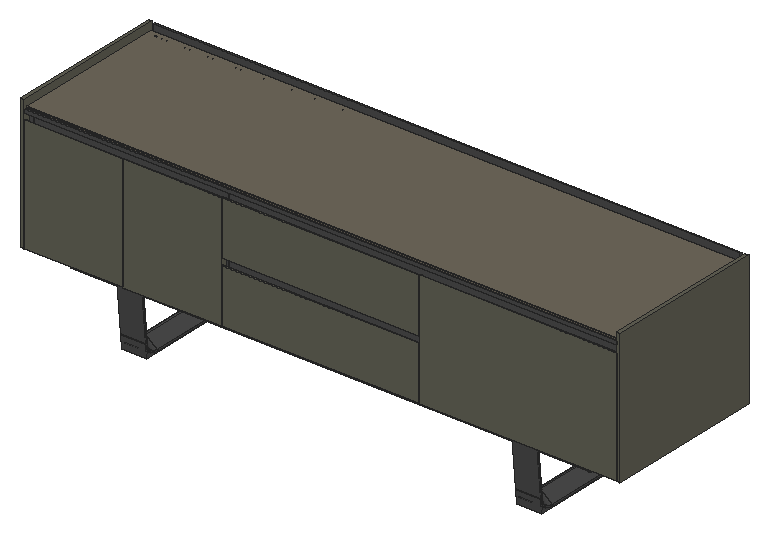
Revit family "Storage-Teknion-CW3A_C+D_Three_Storage_Credenza_29_Height_Elevated_Base-R2020", category Furniture, Revit 2020
Family settings
  OmniClass Number = 23.40.20.00
  OmniClass Title = General Furniture and Specialties
  Work Plane-Based = No
  Always vertical = Yes
  Cut with Voids When Loaded = No
  Shared = Yes
  Room Calculation Point = No
Parameters (values of type "24D x 90W")
  Width = 90.000"
  Warranty = "http://www.teknion.com/ca/papers/legal-canada"
  Top Finish [instance] = Veneer - Teknion - VJ - Bistre
  Storage Option [instance] = "Please select one Storage Option. (CCC) All Close Storage is default."  # constant formula
  Right Waste [instance] = or([(ACW) Left A/V, Center Closed Storage, Right Wasted], [(VCW) Left A/V with Upper Drawer, Center Closed Storage, Right Wasted], [(CCW) Left Closed Storage,Center Closed, Right Waste], [(ADW) Left A/V, Center Drawers, Right Waste], [(DDW) Left Drawers, Center Drawers, Right Waste])  # yes
  Right V&A Cut out [instance] = if(or([(WDA) Left Wasted, Center Drawers, Right A/V], [(WCA) Left Waste, Center Closed, Right A/V], [(WCV) Left Waste, Center Closed, Right A/V with Upper Drawer]), 15.000", 8.000")  # 8.000"
  Unit Weight URL = "http://www.teknion.com/ca/tools/assets#&asset=bee6a381-b954-425e-8283-5a2de3a804f2,f828d448-4b62-4231-9e5f-9a8991c0ed77"
  URL = "www.teknion.com"
  To render please download texture images found here [instance] = "https://assets.teknion.com/web/5e81352c1dfdb467/revit-material-swatches/"
  Sustainability Data = "https://www.teknion.com/ca/tools/assets#&topic=216f99a5-57a0-44fc-b10a-9dee9b29ae4c&asset=444deb64-fe58-4b68-981e-f75e97781df7,b4ff2d81-9f2e-437d-9659-7cffb09c31cf"
  Series = "C+D Conference Table"  # constant formula
  Right V&A 2D Lines [instance] = or([(WDA) Left Wasted, Center Drawers, Right A/V], [(WCA) Left Waste, Center Closed, Right A/V], [(WCV) Left Waste, Center Closed, Right A/V with Upper Drawer])  # no
  Right Drawers [instance] = or([(DDD) All Drawers], [(WDD) Left Waste , Center & Right Drawers])  # no
  Right Double Door [instance] = or([(WCV) Left Waste, Center Closed, Right A/V with Upper Drawer], [(WCA) Left Waste, Center Closed, Right A/V], [(WDA) Left Wasted, Center Drawers, Right A/V], [(WCC)  Left Waste , Center & Right Closed Storage], [(CCC) All Close Storage])  # no
  Middle Right Node [instance] = or(Right Drawers, [(WCV) Left Waste, Center Closed, Right A/V with Upper Drawer])  # no
  Middle Left Node [instance] = Center Drawers  # yes
  Left Waste [instance] = or([(WDA) Left Wasted, Center Drawers, Right A/V], [(WCV) Left Waste, Center Closed, Right A/V with Upper Drawer], [(WCA) Left Waste, Center Closed, Right A/V], [(WCC)  Left Waste , Center & Right Closed Storage], [(WDD) Left Waste , Center & Right Drawers])  # no
  Left V&A Cut Out [instance] = if(or([(ACW) Left A/V, Center Closed Storage, Right Wasted], [(VCW) Left A/V with Upper Drawer, Center Closed Storage, Right Wasted], [(ADW) Left A/V, Center Drawers, Right Waste]), 15.000", 8.000")  # 15.000"
  Left V&A 2D Lines [instance] = or([(ACW) Left A/V, Center Closed Storage, Right Wasted], [(VCW) Left A/V with Upper Drawer, Center Closed Storage, Right Wasted], [(ADW) Left A/V, Center Drawers, Right Waste])  # yes
  Left Drawers [instance] = or([(DDW) Left Drawers, Center Drawers, Right Waste], [(DDD) All Drawers])  # no
  Left Double Door [instance] = or([(ADW) Left A/V, Center Drawers, Right Waste], [(VCW) Left A/V with Upper Drawer, Center Closed Storage, Right Wasted], [(ACW) Left A/V, Center Closed Storage, Right Wasted], [(CCW) Left Closed Storage,Center Closed, Right Waste], [(CCC) All Close Storage])  # yes
  Door L/R Size = 14.750"
  Door C Size = 14.750"
  Description = "C+D Three Storage Credenza, 29\" Height, Elevated Based, 24\" Depth, 90\" Width"
  Center Drawers [instance] = or([(WDA) Left Wasted, Center Drawers, Right A/V], [(WDD) Left Waste , Center & Right Drawers], [(DDW) Left Drawers, Center Drawers, Right Waste], [(ADW) Left A/V, Center Drawers, Right Waste], [(DDD) All Drawers])  # yes
  Center Closed Storage [instance] = or([(ACW) Left A/V, Center Closed Storage, Right Wasted], [(VCW) Left A/V with Upper Drawer, Center Closed Storage, Right Wasted], [(WCC)  Left Waste , Center & Right Closed Storage], [(WCA) Left Waste, Center Closed, Right A/V], [(WCV) Left Waste, Center Closed, Right A/V with Upper Drawer], [(CCW) Left Closed Storage,Center Closed, Right Waste], [(CCC) All Close Storage])  # no
  Case Finish [instance] = Veneer - Teknion - VP - Chia
  24 2D Node = yes
  20 2D Node = no
  (WCV) Left Waste, Center Closed, Right A/V with Upper Drawer [instance] = no
  (WDD) Left Waste , Center & Right Drawers [instance] = no
  (WCA) Left Waste, Center Closed, Right A/V [instance] = no
  (DDW) Left Drawers, Center Drawers, Right Waste [instance] = no
  (CCW) Left Closed Storage,Center Closed, Right Waste [instance] = no
  Product Page URL = "https://www.teknion.com/ca/products/product-details?productLineId=f681026f-8e7a-673b-a6c8-ff05004460c4"
  Product Line = "C+D Credenzas"  # constant formula
  Product Documentation Link = "https://www.teknion.com/pricing/cd-conference-table/pdfs/Credenzas_ppg.pdf"
  Part Number = "CW3A"  # constant formula
  Model = "CW3A_2490"
  Manufacturer Phone = "416-661-3370"  # constant formula
  Manufacturer Fax = "416.661.4586"  # constant formula
  Manufacturer Contact Information = "http://www.teknion.com/ca/contactus"
  Manufacturer Address = "1150 Flint Road, Toronto, ON. M3J 2J5. Canada"  # constant formula
  Manufacturer = "Teknion"  # constant formula
  (WDA) Left Wasted, Center Drawers, Right A/V [instance] = no
  (DDD) All Drawers [instance] = no
  (CCC) All Close Storage [instance] = not(or([(DDD) All Drawers], [(ACW) Left A/V, Center Closed Storage, Right Wasted], [(VCW) Left A/V with Upper Drawer, Center Closed Storage, Right Wasted], [(WDA) Left Wasted, Center Drawers, Right A/V], [(WCC)  Left Waste , Center & Right Closed Storage], [(WDD) Left Waste , Center & Right Drawers], [(WCA) Left Waste, Center Closed, Right A/V], [(WCV) Left Waste, Center Closed, Right A/V with Upper Drawer], [(CCW) Left Closed Storage,Center Closed, Right Waste], [(DDW) Left Drawers, Center Drawers, Right Waste], [(ADW) Left A/V, Center Drawers, Right Waste]))  # no
  (VCW) Left A/V with Upper Drawer, Center Closed Storage, Right Wasted [instance] = no
  How To Use Teknion Materials User Guide [instance] = "https://assets.teknion.com/m/205dd0a49fa58060/original/How-to-add-a-Material-Library-and-Texture-Images-to-your-Revit-project.pdf"
  For Additional Finishes please visit [instance] = "https://assets.teknion.com/m/44a8009b046e5d47/original/Teknion_Materials_Library.zip"
  Depth = 24.000"
  Default Elevation = 0.000"
  Assembly Code = "E2020200"
  (WCC)  Left Waste , Center & Right Closed Storage [instance] = no
  (ADW) Left A/V, Center Drawers, Right Waste [instance] = yes
  (ACW) Left A/V, Center Closed Storage, Right Wasted [instance] = no
Reference planes (in)
  plane 1 "Center Front/Back": y = -10
  plane 2: z = 0.00394
  plane 3 "Center Left/Right": x = 30
  plane 4 "Left": x = -15
  plane 5 "Right": x = 75
  plane 6 "Back": y = 2
  plane 7 "Front": y = -22
  plane 8 "Top": z = 30.00394
  plane 9: y = -1.16628
  plane 10: y = -18.83372
  plane 11: x = 0.37927
  plane 12: x = -14.4311
  plane 13: x = 74.4311
  plane 14: x = 59.62073
  plane 15: x = 15.18963
  plane 16: x = 44.81037
  plane 17: y = -21.23622
Forms (in)
  Sweep 1, solid, material "Veneer - Teknion - VP - Chia" <- "Case Finish"
    path origin (0, -10, 0) x (1, 0, 0) y (0, 0, 1)
      loop
        line (0.53937, 30.00394) -> (0.53937, 10)
    profile origin (0.53937, -10, 20.00197) x (0, -1, 0) y (1, 0, 0)
      loop
        line (-12, -15.53937) -> (12, -15.53937) -> (12, -15) -> (-12, -15) -> (-12, -15.53937)
      loop
        line (-12, 74.46063) -> (-12, 73.92126) -> (12, 73.92126) -> (12, 74.46063) -> (-12, 74.46063)
  Sweep 2, solid, material "Veneer - Teknion - VP - Chia" <- "Case Finish"
    path origin (30, 0, 0) x (0, 1, 0) y (0, 0, 1)
      loop
        line (1.21654, 26.95276) -> (1.21654, 10)
    profile origin (30, 1.21654, 18.47638) x (1, 0, 0) y (0, 1, 0)
      loop
        line (-44.46063, 0.72441) -> (-44.46063, 0) -> (44.46063, 0) -> (44.46063, 0.72441) -> (-44.46063, 0.72441)
  Sweep 3, solid, material "Veneer - Teknion - VP - Chia" <- "Case Finish"
    path origin (0, -10, 0) x (1, 0, 0) y (0, 0, 1)
      loop
        line (-14.46063, 11.04331) -> (74.46063, 11.04331)
    profile origin (30, -10, 11.04331) x (0, 0, 1) y (0, -1, 0)
      loop
        line (0, 11.03819) -> (-1.03937, 11.03819) -> (-1.03937, -11.21654) -> (0, -11.21654) -> (0, 11.03819)
  Sweep 4, solid, material "Veneer - Teknion - VP - Chia" <- "Case Finish"
    path origin (0, -10, 0) x (1, 0, 0) y (0, 0, 1)
      loop
        line (30, 11.04331) -> (30, 27.54331)
    profile origin (30, -10, 19.29331) x (-1, 0, 0) y (0, -1, 0)
      loop
        line (44.46063, -11.21654) -> (44.46063, 11.03819) -> (43.73622, 11.03819) -> (43.73622, -11.21654) -> (44.46063, -11.21654)
      loop
        line (15.17257, -11.21654) -> (15.17257, 11.03819) -> (14.44816, 11.03819) -> (14.44816, -11.21654) -> (15.17257, -11.21654)
      loop
        line (-43.73622, 11.03819) -> (-44.46063, 11.03819) -> (-44.46063, -11.21654) -> (-43.73622, -11.21654) -> (-43.73622, 11.03819)
      loop
        line (-14.44816, -11.21654) -> (-14.44816, 11.03819) -> (-15.17257, 11.03819) -> (-15.17257, -11.21654) -> (-14.44816, -11.21654)
  Sweep 5, solid, material "Veneer - Teknion - VP - Chia" <- "Case Finish"
    path origin (0, -10, 0) x (1, 0, 0) y (0, 0, 1)
      loop
        line (74.46063, 28.29134) -> (-14.46063, 28.29134)
    profile origin (30, -10, 28.29134) x (0, 0, -1) y (0, -1, 0)
      loop
        line (0, -11.76378) -> (0.74803, -11.76378) -> (0.74803, 11.03819) -> (0, 11.03819) -> (0, -11.76378)
  Sweep 6, solid, material "Veneer - Teknion - VP - Chia" <- "Case Finish", visible <- "Left Double Door"
    path origin (0, -10, 0) x (1, 0, 0) y (0, 0, 1)
      loop
        line (0.34938, 27.25197) -> (-14.40157, 27.25197)
    profile origin (-7.0261, -10, 27.25197) x (0, 0, -1) y (0, -1, 0)
      loop
        line (0, 11.96063) -> (0, 11.84252) -> (0.6063, 11.23622) -> (17.25197, 11.23622) -> (17.25197, 11.96063) -> (0, 11.96063)
  Sweep 7, solid, material "Veneer - Teknion - VP - Chia" <- "Case Finish", visible <- "Center Closed Storage"
    path origin (14.72047, -10, 0) x (1, 0, 0) y (0, 0, 1)
      loop
        line (15.24939, 27.25197) -> (0.49939, 27.25197)
    profile origin (22.59486, -10, 27.25197) x (0, 0, -1) y (0, -1, 0)
      loop
        line (0, 11.96063) -> (0, 11.84252) -> (0.6063, 11.23622) -> (17.25197, 11.23622) -> (17.25197, 11.96063) -> (0, 11.96063)
  Sweep 8, solid, material "Veneer - Teknion - VP - Chia" <- "Case Finish", visible <- "Center Closed Storage"
    path origin (29.44094, -10, 0) x (1, 0, 0) y (0, 0, 1)
      loop
        line (15.33987, 27.25197) -> (0.58882, 27.25197)
    profile origin (37.40529, -10, 27.25197) x (0, 0, -1) y (0, -1, 0)
      loop
        line (0, 11.96063) -> (0, 11.84252) -> (0.6063, 11.23622) -> (17.25197, 11.23622) -> (17.25197, 11.96063) -> (0, 11.96063)
  Sweep 9, solid, material "Veneer - Teknion - VP - Chia" <- "Case Finish", visible <- "Right Double Door"
    path origin (44.16142, -10, 0) x (1, 0, 0) y (0, 0, 1)
      loop
        line (30.24016, 27.25197) -> (15.48894, 27.25197)
    profile origin (67.02597, -10, 27.25197) x (0, 0, -1) y (0, -1, 0)
      loop
        line (0, 11.96063) -> (0, 11.84252) -> (0.6063, 11.23622) -> (17.25197, 11.23622) -> (17.25197, 11.96063) -> (0, 11.96063)
  Sweep 10, solid, material "Veneer - Teknion - VP - Chia" <- "Case Finish", visible <- "Left Drawers"
    path origin (0, -10, 0) x (1, 0, 0) y (0, 0, 1)
      loop
        line (-14.40157, 19.12992) -> (15.15947, 19.12992)
    profile origin (0.37895, -10, 19.12992) x (0, 0, 1) y (0, -1, 0)
      loop
        line (8.12205, 11.84252) -> (8.12205, 11.96063) -> (-0.00394, 11.96063) -> (-0.00394, 11.23622) -> (7.51575, 11.23622) -> (8.12205, 11.84252)
  Sweep 11, solid, material "Veneer - Teknion - VP - Chia" <- "Case Finish", visible <- "Left Drawers"
    path origin (0, -10, 0) x (1, 0, 0) y (0, 0, 1)
      loop
        line (15.15947, 18.12992) -> (-14.40157, 18.12992)
    profile origin (0.37895, -10, 18.12992) x (0, 0, -1) y (0, -1, 0)
      loop
        line (0.00394, 11.96063) -> (0.00394, 11.84252) -> (0.61024, 11.23622) -> (8.12992, 11.23622) -> (8.12992, 11.96063) -> (0.00394, 11.96063)
  Sweep 12, solid, material "Veneer - Teknion - VP - Chia" <- "Case Finish", visible <- "Right Drawers"
    path origin (29.44094, -10, 0) x (1, 0, 0) y (0, 0, 1)
      loop
        line (15.39927, 19.12992) -> (44.96063, 19.12992)
    profile origin (59.62089, -10, 19.12992) x (0, 0, 1) y (0, -1, 0)
      loop
        line (8.12205, 11.84252) -> (8.12205, 11.96063) -> (-0.00394, 11.96063) -> (-0.00394, 11.23622) -> (7.51575, 11.23622) -> (8.12205, 11.84252)
  Sweep 13, solid, material "Veneer - Teknion - VP - Chia" <- "Case Finish", visible <- "Right Drawers"
    path origin (29.44094, -10, 0) x (1, 0, 0) y (0, 0, 1)
      loop
        line (44.96063, 18.12992) -> (15.39927, 18.12992)
    profile origin (59.62089, -10, 18.12992) x (0, 0, -1) y (0, -1, 0)
      loop
        line (0.00394, 11.96063) -> (0.00394, 11.84252) -> (0.61024, 11.23622) -> (8.12992, 11.23622) -> (8.12992, 11.96063) -> (0.00394, 11.96063)
  Sweep 14, solid, material "Paint - Teknion - 52 - Ebony"
    path origin (0, 0, 0.00394) x (1, 0, 0) y (0, 1, 0)
      loop
        line (74.46063, -20.29016) -> (-14.46063, -20.29016)
    profile origin (30, -20.29016, 0.00394) x (0, -1, 0) y (0, 0, 1)
      loop
        line (1.67055, 28.78346) -> (1.27685, 28.78346) -> (1.27685, 28.33071) -> (0.74803, 28.33071) -> (0.74803, 27.54331) -> (0, 27.54331) -> (0, 26.32283) -> (0.82803, 26.32283) -> (0.82803, 28.25071) -> (1.67055, 28.25071) -> (1.67055, 28.78346)
  Sweep 15, solid, material "Paint - Teknion - 52 - Ebony"
    path origin (0, 0, 0.00394) x (1, 0, 0) y (0, 1, 0)
      loop
        line (-13.96063, 0.76378) -> (73.96063, 0.76378)
    profile origin (30, 0.76378, 0.00394) x (0, 1, 0) y (0, 0, 1)
      loop
        line (1.23622, 30) -> (1, 30) -> (1, 28.5793)
        arc (1, 28.5793) -> (1, 28.52362) -> (0.94432, 28.52362) r 0.03937
        line (0.94432, 28.52362) -> (0, 28.52362) -> (0, 28.2874) -> (0.94432, 28.2874)
        arc (0.94432, 28.2874) -> (1, 28.2874) -> (1, 28.23172) r 0.03937
        line (1, 28.23172) -> (1, 27.53937) -> (1.23622, 27.53937) -> (1.23622, 30)
  Sweep 16, solid, material "Paint - Teknion - 52 - Ebony"
    path origin (0, 0, 0.00394) x (1, 0, 0) y (0, 1, 0)
      loop
        line (-7.98425, -1.01575) -> (-7.98425, -18.98425) -> (67.98425, -18.98425) -> (67.98425, -1.01575) -> (-7.98425, -1.01575)
    profile origin (-7.98425, -10, 0.00394) x (1, 0, 0) y (0, 0, 1)
      loop
        line (-0.431, 8.52) -> (-0.431, 9.9) -> (-0.09, 9.9) -> (-0.09, 9.6675) -> (0, 9.6675) -> (0, 9.98)
        arc (0, 9.98) -> (-0.00586, 9.99414) -> (-0.02, 10) r 0.02
        line (-0.02, 10) -> (-0.99575, 10)
        arc (-0.99575, 10) -> (-1.00989, 9.99414) -> (-1.01575, 9.98) r 0.02
        line (-1.01575, 9.98) -> (-1.01575, 8.44)
        arc (-1.01575, 8.44) -> (-1.00989, 8.42586) -> (-0.99575, 8.42) r 0.02
        line (-0.99575, 8.42) -> (-0.02, 8.42)
        arc (-0.02, 8.42) -> (-0.00586, 8.42586) -> (0, 8.44) r 0.02
        line (0, 8.44) -> (0, 8.7525) -> (-0.09, 8.7525) -> (-0.09, 8.52) -> (-0.431, 8.52)
  Sweep 17, solid, material "Paint - Teknion - 52 - Ebony"
    path origin (0, -10, 0) x (1, 0, 0) y (0, 0, 1)
      loop
        line (-1.5069, 0.12894) -> (2.26543, 0.12894)
    profile origin (0.37927, -10, 0.12894) x (0, 0, 1) y (0, -1, 0)
      loop
        arc (0.10359, 7.89493) -> (0.65668, 9.37616) -> (2.06899, 10.08704) r 2.16637
        line (2.06899, 10.08704) -> (0, 9.89454) -> (0, -9.89454) -> (2.06899, -10.08704)
        arc (2.06899, -10.08704) -> (0.65668, -9.37616) -> (0.10359, -7.89493) r 2.16637
        line (0.10359, -7.89493) -> (0.12003, -6.73851) -> (0.12003, 6.73851) -> (0.10359, 7.89493)
  Sweep 18, solid, material "Paint - Teknion - 52 - Ebony"
    path origin (0, -10, 0) x (1, 0, 0) y (0, 0, 1)
      loop
        line (57.73457, 0.12894) -> (61.5069, 0.12894)
    profile origin (59.62073, -10, 0.12894) x (0, 0, 1) y (0, -1, 0)
      loop
        arc (0.10359, 7.89493) -> (0.65668, 9.37616) -> (2.06899, 10.08704) r 2.16637
        line (2.06899, 10.08704) -> (0, 9.89454) -> (0, -9.89454) -> (2.06899, -10.08704)
        arc (2.06899, -10.08704) -> (0.65668, -9.37616) -> (0.10359, -7.89493) r 2.16637
        line (0.10359, -7.89493) -> (0.12003, -6.73851) -> (0.12003, 6.73851) -> (0.10359, 7.89493)
  Sweep 19, solid, material "Veneer - Teknion - VP - Chia" <- "Case Finish", visible <- "Left Waste"
    path origin (0, -10, 0) x (1, 0, 0) y (0, 0, 1)
      loop
        line (15.15947, 27.25197) -> (-14.40157, 27.25197)
    profile origin (0.37895, -10, 27.25197) x (0, 0, -1) y (0, -1, 0)
      loop
        line (0, 11.84252) -> (0.6063, 11.23622) -> (17.25197, 11.23622) -> (17.25197, 11.96063) -> (0, 11.96063) -> (0, 11.84252)
  Sweep 20, solid, material "Veneer - Teknion - VP - Chia" <- "Case Finish", visible <- "Right Waste"
    path origin (29.44094, -10, 0) x (1, 0, 0) y (0, 0, 1)
      loop
        line (44.96063, 27.25197) -> (15.39927, 27.25197)
    profile origin (59.62089, -10, 27.25197) x (0, 0, -1) y (0, -1, 0)
      loop
        line (0, 11.84252) -> (0.6063, 11.23622) -> (17.25197, 11.23622) -> (17.25197, 11.96063) -> (0, 11.96063) -> (0, 11.84252)
  Sweep 21, solid, material "Veneer - Teknion - VJ - Bistre" <- "Top Finish"
    path origin (0, -10, 0) x (1, 0, 0) y (0, 0, 1)
      loop
        line (-14.46063, 29) -> (74.46063, 29)
    profile origin (30, -10, 29) x (0, 0, 1) y (0, -1, 0)
      loop
        arc (0, 11.66535) -> (-0.0173, 11.70711) -> (-0.05906, 11.72441) r 0.05906
        line (-0.05906, 11.72441) -> (-0.21654, 11.72441) -> (-0.21654, 11.48819) -> (-0.47244, 11.48819) -> (-0.47244, -11.76378) -> (0, -11.76378) -> (0, 11.66535)
  Revolve 22, solid, material "Paint - Teknion - 52 - Ebony"
    sketch origin (0.37927, -180, 10) x (0, 0, -1) y (0, -1, 0)
      loop
        line (9.87106, -161.16628) -> (9.87106, -161.96418) -> (9.91606, -161.96418) -> (9.99606, -161.87181) -> (9.99606, -161.16628) -> (9.87106, -161.16628)
      axis (9.87106, -161.16628) -> (9.99606, -161.16628)
    angle from 0 to 360
  Revolve 23, solid, material "Paint - Teknion - 52 - Ebony"
    sketch origin (0.37927, -180, 10) x (0, 0, -1) y (0, -1, 0)
      loop
        line (9.87106, -178.83372) -> (9.87106, -179.63161) -> (9.91606, -179.63161) -> (9.99606, -179.53924) -> (9.99606, -178.83372) -> (9.87106, -178.83372)
      axis (9.87106, -178.83372) -> (9.99606, -178.83372)
    angle from 0 to 360
  Revolve 24, solid, material "Paint - Teknion - 52 - Ebony"
    sketch origin (59.62073, -180, 10) x (0, 0, 1) y (0, -1, 0)
      loop
        line (-9.87106, -178.83372) -> (-9.99606, -178.83372) -> (-9.99606, -179.53924) -> (-9.91606, -179.63161) -> (-9.87106, -179.63161) -> (-9.87106, -178.83372)
      axis (-9.87106, -178.83372) -> (-9.99606, -178.83372)
    angle from 0 to 360
  Revolve 25, solid, material "Paint - Teknion - 52 - Ebony"
    sketch origin (59.62073, -180, 10) x (0, 0, 1) y (0, -1, 0)
      loop
        line (-9.87106, -161.16628) -> (-9.99606, -161.16628) -> (-9.99606, -161.87181) -> (-9.91606, -161.96418) -> (-9.87106, -161.96418) -> (-9.87106, -161.16628)
      axis (-9.87106, -161.16628) -> (-9.99606, -161.16628)
    angle from 0 to 360
  Sweep 26, solid, material "Paint - Teknion - 52 - Ebony"
    path origin (0.37927, -180, 10) x (0, 0, -1) y (0, -1, 0)
      loop
        line (0.0548, -159.19215) -> (7.80208, -159.91296)
        arc (7.80208, -159.91296) -> (9.21438, -160.62384) -> (9.76747, -162.10507) r 2.16637
        line (9.76747, -162.10507) -> (9.76747, -177.89493)
        arc (9.76747, -177.89493) -> (9.21438, -179.37616) -> (7.80208, -180.08704) r 2.16637
        line (7.80208, -180.08704) -> (0.0548, -180.80785)
    profile origin (0.37927, -10, 0.23253) x (0, 0, -1) y (-1, 0, 0)
      loop
        line (0, 1.88702) -> (-0.21873, 1.87938)
        arc (-0.21873, 1.87938) -> (-0.24317, 1.87323) -> (-0.26293, 1.85759) r 0.06
        line (-0.26293, 1.85759) -> (-1.69143, 0.12524)
        arc (-1.69143, 0.12524) -> (-1.7364, 0) -> (-1.69143, -0.12524) r 0.19685
        line (-1.69143, -0.12524) -> (-0.26293, -1.85759)
        arc (-0.26293, -1.85759) -> (-0.24317, -1.87323) -> (-0.21873, -1.87938) r 0.06
        line (-0.21873, -1.87938) -> (0, -1.88702) -> (0, 1.88702)
  Sweep 27, solid, material "Paint - Teknion - 52 - Ebony"
    path origin (59.62073, -180, 10) x (0, 0, 1) y (0, -1, 0)
      loop
        line (-0.0548, -159.19215) -> (-7.80208, -159.91296)
        arc (-7.80208, -159.91296) -> (-9.21438, -160.62384) -> (-9.76747, -162.10507) r 2.16637
        line (-9.76747, -162.10507) -> (-9.76747, -177.89493)
        arc (-9.76747, -177.89493) -> (-9.21438, -179.37616) -> (-7.80208, -180.08704) r 2.16637
        line (-7.80208, -180.08704) -> (-0.0548, -180.80785)
    profile origin (59.62073, -10, 0.23253) x (0, 0, 1) y (1, 0, 0)
      loop
        line (0.26293, -1.85759) -> (1.69142, -0.12524)
        arc (1.69142, -0.12524) -> (1.7364, 0) -> (1.69142, 0.12524) r 0.19685
        line (1.69142, 0.12524) -> (0.26293, 1.85759)
        arc (0.26293, 1.85759) -> (0.24317, 1.87323) -> (0.21873, 1.87938) r 0.06
        line (0.21873, 1.87938) -> (0, 1.88702) -> (0, -1.88702) -> (0.21873, -1.87938)
        arc (0.21873, -1.87938) -> (0.24317, -1.87323) -> (0.26293, -1.85759) r 0.06
  Sweep 28, solid, material "Paint - Teknion - 52 - Ebony", visible <- "Left Drawers"
    path origin (0, -10, 0) x (1, 0, 0) y (0, 0, 1)
      loop
        line (0.37927, 19.20472) -> (0.37927, 17.23622)
    profile origin (0.37927, -10, 18.22047) x (0, -1, 0) y (1, 0, 0)
      loop
        line (11.03819, -14.11549) -> (11.03819, -14.8399) -> (11.11319, -14.8399) -> (11.11319, 14.81037) -> (11.03819, 14.81037) -> (11.03819, 14.44816) -> (10.29016, 14.44816) -> (10.29016, -14.11549) -> (11.03819, -14.11549)
  Sweep 29, solid, material "Paint - Teknion - 52 - Ebony", visible <- "Right Drawers"
    path origin (29.46063, -10, 0) x (1, 0, 0) y (0, 0, 1)
      loop
        line (30.1601, 19.20472) -> (30.1601, 17.23622)
    profile origin (59.62073, -10, 18.22047) x (0, -1, 0) y (1, 0, 0)
      loop
        line (11.03819, -14.44816) -> (11.03819, -14.81037) -> (11.11319, -14.81037) -> (11.11319, 14.8399) -> (11.03819, 14.8399) -> (11.03819, 14.11549) -> (10.29016, 14.11549) -> (10.29016, -14.44816) -> (11.03819, -14.44816)
  Sweep 30, void
    path origin (74, -2.36839, 48) x (0, 1, 0) y (0, 0, 1)
      loop
        line (0.36839, -29.51969) -> (-7.63161, -29.51969)
    profile origin (74, -6, 18.48031) x (0, 0, -1) y (1, 0, 0)
      loop
        arc (-4.99606, -19.2956) -> (-4.92284, -19.47238) -> (-4.74606, -19.5456) r 0.25
        line (-4.74606, -19.5456) -> (4.75394, -19.5456)
        arc (4.75394, -19.5456) -> (4.93071, -19.47238) -> (5.00394, -19.2956) r 0.25
        line (5.00394, -19.2956) -> (5.00394, -9.7956)
        arc (5.00394, -9.7956) -> (4.93071, -9.61883) -> (4.75394, -9.5456) r 0.25
        line (4.75394, -9.5456) -> (-4.74606, -9.5456)
        arc (-4.74606, -9.5456) -> (-4.92284, -9.61883) -> (-4.99606, -9.7956) r 0.25
        line (-4.99606, -9.7956) -> (-4.99606, -19.2956)
  Sweep 31, void
    path origin (74, -2.36839, 48) x (0, 1, 0) y (0, 0, 1)
      loop
        line (-7.63161, -29.52362) -> (7.36839, -29.52362)
    profile origin (74, -2.5, 18.47638) x (0, 0, 1) y (1, 0, 0)
      loop
        line (5, -78.2044) -> (5, -68.7044)
        arc (5, -68.7044) -> (4.92678, -68.52762) -> (4.75, -68.4544) r 0.25
        line (4.75, -68.4544) -> (-4.75, -68.4544)
        arc (-4.75, -68.4544) -> (-4.92678, -68.52762) -> (-5, -68.7044) r 0.25
        line (-5, -68.7044) -> (-5, -78.2044)
        arc (-5, -78.2044) -> (-4.92678, -78.38117) -> (-4.75, -78.4544) r 0.25
        line (-4.75, -78.4544) -> (4.75, -78.4544)
        arc (4.75, -78.4544) -> (4.92678, -78.38117) -> (5, -78.2044) r 0.25
  Sweep 32, solid, material "Veneer - Teknion - VP - Chia" <- "Case Finish", visible <- "Left Double Door"
    path origin (17.81009, -10, 0) x (1, 0, 0) y (0, 0, 1)
      loop
        line (-2.65062, 27.25197) -> (-17.40062, 27.25197)
    profile origin (7.78447, -10, 27.25197) x (0, 0, -1) y (0, -1, 0)
      loop
        line (0, 11.96063) -> (0, 11.84252) -> (0.6063, 11.23622) -> (17.25197, 11.23622) -> (17.25197, 11.96063) -> (0, 11.96063)
  Sweep 33, solid, material "Veneer - Teknion - VP - Chia" <- "Case Finish", visible <- "Right Double Door"
    path origin (26.35127, -10, 0) x (1, 0, 0) y (0, 0, 1)
      loop
        line (33.23982, 27.25197) -> (18.48894, 27.25197)
    profile origin (52.21565, -10, 27.25197) x (0, 0, -1) y (0, -1, 0)
      loop
        line (0, 11.96063) -> (0, 11.84252) -> (0.6063, 11.23622) -> (17.25197, 11.23622) -> (17.25197, 11.96063) -> (0, 11.96063)
  Sweep 34, solid, material "Paint - Teknion - 52 - Ebony", visible <- "Center Drawers"
    path origin (35.62073, -10, 0) x (1, 0, 0) y (0, 0, 1)
      loop
        line (-5.62073, 19.20472) -> (-5.62073, 17.23622)
    profile origin (30, -10, 18.22047) x (0, -1, 0) y (1, 0, 0)
      loop
        line (11.03819, -14.44816) -> (11.03819, -14.81037) -> (11.11319, -14.81037) -> (11.11319, 14.81037) -> (11.03819, 14.81037) -> (11.03819, 14.44816) -> (10.29016, 14.44816) -> (10.29016, -14.44816) -> (11.03819, -14.44816)
  Sweep 35, solid, material "Veneer - Teknion - VP - Chia" <- "Case Finish", visible <- "Center Drawers"
    path origin (-6.17979, -10, 0) x (1, 0, 0) y (0, 0, 1)
      loop
        line (21.39965, 19.12992) -> (50.9606, 19.12992)
    profile origin (30.00034, -10, 19.12992) x (0, 0, 1) y (0, -1, 0)
      loop
        line (8.12205, 11.84252) -> (8.12205, 11.96063) -> (-0.00394, 11.96063) -> (-0.00394, 11.23622) -> (7.51575, 11.23622) -> (8.12205, 11.84252)
  Sweep 36, solid, material "Veneer - Teknion - VP - Chia" <- "Case Finish", visible <- "Center Drawers"
    path origin (-6.17979, -10, 0) x (1, 0, 0) y (0, 0, 1)
      loop
        line (50.9606, 18.12992) -> (21.39965, 18.12992)
    profile origin (30.00034, -10, 18.12992) x (0, 0, -1) y (0, -1, 0)
      loop
        line (0.00394, 11.96063) -> (0.00394, 11.84252) -> (0.61024, 11.23622) -> (8.12992, 11.23622) -> (8.12992, 11.96063) -> (0.00394, 11.96063)
Cuts and joins
  Sweep 30, Sweep 31 cuts Sweep 2
Lines and regions (in)
  Masking region 1
    outline origin (0, 0, 0.00394) x (1, 0, 0) y (0, 1, 0)
      loop
        line (-15, 2) -> (-15, -22) -> (-14.46063, -22) -> (-14.46063, -21.96071) -> (74.46063, -21.96071) -> (74.46063, -22) -> (75, -22) -> (75, 2) -> (74.46063, 2) -> (74.46063, 1.94094) -> (73.96063, 1.94094) -> (73.96063, 2) -> (-13.96063, 2) -> (-13.96063, 1.94094) -> (-14.46063, 1.94094) -> (-14.46063, 2) -> (-15, 2)
  symbolic lines
    curve 1: line (-14.46063, -22, 0.00394) -> (-14.46063, 2, 0.00394)
    curve 2: line (-14.46063, -21.72441, 0.00394) -> (74.46063, -21.72441, 0.00394)
    curve 3: line (74.46063, 2, 0.00394) -> (74.46063, -22, 0.00394)
    curve 4: line (74.46063, 1.76378, 0.00394) -> (-14.46063, 1.76378, 0.00394)
    curve 5: line (73.96063, 2, 0.00394) -> (73.96063, 1.76378, 0.00394)
    curve 6: line (-13.96063, 2, 0.00394) -> (-13.96063, 1.76378, 0.00394)
  symbolic lines, style "FurnitureHiddenLines", detail levels medium+fine
    curve 7: line (74.46063, 1.94094, 0.00394) -> (-14.46063, 1.94094, 0.00394)
    curve 8: line (-13.96063, 0.76378, 0.00394) -> (73.96063, 0.76378, 0.00394)
    curve 9: line (74.46063, 1.21654, 0.00394) -> (-14.46063, 1.21654, 0.00394)
    curve 10: line (-13.73622, -21.03819, 0.00394) -> (-13.73622, 1.21654, 0.00394)
    curve 11: line (-13.96063, 0.76378, 0.00394) -> (-13.96063, 2, 0.00394)
    curve 12: line (73.96063, 1.7081, 0.00394) -> (-13.96063, 1.7081, 0.00394)
    curve 13: line (73.73622, 1.21654, 0.00394) -> (73.73622, -21.03819, 0.00394)
    curve 14: line (74.46063, -21.03819, 0.00394) -> (-14.46063, -21.03819, 0.00394)
    curve 15: line (14.82743, 1.21654, 0.00394) -> (14.82743, -21.03819, 0.00394)
    curve 16: line (15.55184, -21.03819, 0.00394) -> (15.55184, 1.21654, 0.00394)
    curve 17: line (74.46063, -20.29016, 0.00394) -> (-14.46063, -20.29016, 0.00394)
    curve 18: line (-14.46063, -21.11819, 0.00394) -> (74.46063, -21.11819, 0.00394)
    curve 19: line (74.46063, -21.56701, 0.00394) -> (-14.46063, -21.56701, 0.00394)
    curve 20: line (-14.46063, -21.48819, 0.00394) -> (74.46063, -21.48819, 0.00394)
    curve 105: line (44.44816, 1.21654, 0.00394) -> (44.44816, -21.03819, 0.00394)
    curve 106: line (45.17257, -21.03819, 0.00394) -> (45.17257, 1.21654, 0.00394)
    curve 107: line (45.17257, 1.21654, 0.00394) -> (44.44816, 1.21654, 0.00394)
    curve 108: line (44.44816, -21.03819, 0.00394) -> (45.17257, -21.03819, 0.00394)
  symbolic lines, style "FurnitureHiddenLines", detail levels fine
    curve 21: line (-8.41525, -19.41525, 0.00394) -> (-8.41525, -0.58475, 0.00394)
    curve 22: line (-8.41525, -0.58475, 0.00394) -> (68.41525, -0.58475, 0.00394)
    curve 23: line (68.41525, -19.41525, 0.00394) -> (-8.41525, -19.41525, 0.00394)
    curve 24: line (68.41525, -0.58475, 0.00394) -> (68.41525, -19.41525, 0.00394)
    curve 25: line (68.07425, -19.07425, 0.00394) -> (68.07425, -0.92575, 0.00394)
    curve 26: line (67.98425, -1.01575, 0.00394) -> (67.98425, -18.98425, 0.00394)
    curve 27: line (-8.07425, -19.07425, 0.00394) -> (68.07425, -19.07425, 0.00394)
    curve 28: line (67.98425, -18.98425, 0.00394) -> (-7.98425, -18.98425, 0.00394)
    curve 29: line (-8.07425, -0.92575, 0.00394) -> (-8.07425, -19.07425, 0.00394)
    curve 30: line (-7.98425, -18.98425, 0.00394) -> (-7.98425, -1.01575, 0.00394)
    curve 31: line (68.07425, -0.92575, 0.00394) -> (-8.07425, -0.92575, 0.00394)
    curve 32: line (-7.98425, -1.01575, 0.00394) -> (67.98425, -1.01575, 0.00394)
    curve 33: line (-9.00055, 0, 0.00394) -> (-9.00027, -20, 0.00394)
    curve 34: line (-9.00027, -20, 0.00394) -> (69.00027, -20, 0.00394)
    curve 35: line (69.00027, -20, 0.00394) -> (69.00027, 0, 0.00394)
    curve 36: line (69.00027, 0, 0.00394) -> (-9.00055, 0, 0.00394)
    curve 37: line (2.26543, 0.80785, 0.00394) -> (-1.5069, 0.80785, 0.00394)
    curve 38: line (2.26543, 0.80785, 0.00394) -> (2.26543, -8.12532, 0.00394)
    curve 39: line (-1.5069, 0.80785, 0.00394) -> (-1.5069, -8.06376, 0.00394)
    curve 40: line (-1.5069, -20.80785, 0.00394) -> (2.26543, -20.80785, 0.00394)
    curve 41: line (-1.5069, -8.06376, 0.00394) -> (-1.5069, -20.80785, 0.00394)
    curve 42: line (2.26543, -8.12532, 0.00394) -> (2.26543, -20.80785, 0.00394)
    curve 43: arc (0.37927, -1.96418, 0.00394) -> (1.17716, -1.16628, 0.00394) -> (0.37927, -0.36839, 0.00394) r 0.7979
    curve 44: arc (0.37927, -0.36839, 0.00394) -> (1.17716, -1.16628, 0.00394) -> (0.37927, -1.96418, 0.00394) r 0.7979
    curve 45: arc (0.37927, -1.96418, 0.00394) -> (-0.41863, -1.16628, 0.00394) -> (0.37927, -0.36839, 0.00394) r 0.7979
    curve 46: arc (0.37927, -0.36839, 0.00394) -> (-0.41863, -1.16628, 0.00394) -> (0.37927, -1.96418, 0.00394) r 0.7979
    curve 47: arc (0.37927, -19.63161, 0.00394) -> (1.17716, -18.83372, 0.00394) -> (0.37927, -18.03582, 0.00394) r 0.7979
    curve 48: arc (0.37927, -18.03582, 0.00394) -> (1.17716, -18.83372, 0.00394) -> (0.37927, -19.63161, 0.00394) r 0.7979
    curve 49: arc (0.37927, -19.63161, 0.00394) -> (-0.41863, -18.83372, 0.00394) -> (0.37927, -18.03582, 0.00394) r 0.7979
    curve 50: arc (0.37927, -18.03582, 0.00394) -> (-0.41863, -18.83372, 0.00394) -> (0.37927, -19.63161, 0.00394) r 0.7979
    curve 51: arc (59.62073, -1.96418, 0.00394) -> (60.41863, -1.16628, 0.00394) -> (59.62073, -0.36839, 0.00394) r 0.7979
    curve 52: arc (59.62073, -0.46076, 0.00394) -> (60.32626, -1.16628, 0.00394) -> (59.62073, -1.87181, 0.00394) r 0.70552
    curve 53: arc (59.62073, -1.87181, 0.00394) -> (58.91521, -1.16628, 0.00394) -> (59.62073, -0.46076, 0.00394) r 0.70552
    curve 54: arc (59.62073, -0.36839, 0.00394) -> (58.82284, -1.16628, 0.00394) -> (59.62073, -1.96418, 0.00394) r 0.7979
    curve 55: arc (59.62073, -19.63161, 0.00394) -> (60.41863, -18.83372, 0.00394) -> (59.62073, -18.03582, 0.00394) r 0.7979
    curve 56: arc (59.62073, -18.12819, 0.00394) -> (60.32626, -18.83372, 0.00394) -> (59.62073, -19.53924, 0.00394) r 0.70552
    curve 57: arc (59.62073, -18.03582, 0.00394) -> (58.82284, -18.83372, 0.00394) -> (59.62073, -19.63161, 0.00394) r 0.7979
    curve 58: arc (59.62073, -19.53924, 0.00394) -> (58.91521, -18.83372, 0.00394) -> (59.62073, -18.12819, 0.00394) r 0.70552
    curve 59: line (57.73371, -20.80785, 0.00394) -> (61.50776, -20.80785, 0.00394)
    curve 60: line (57.73371, -11.98365, 0.00394) -> (57.73371, -20.80785, 0.00394)
    curve 61: line (61.50776, -8.22228, 0.00394) -> (61.50776, -20.80785, 0.00394)
    curve 62: line (61.50776, 0.80785, 0.00394) -> (57.73371, 0.80785, 0.00394)
    curve 63: line (57.73371, 0.80785, 0.00394) -> (57.73371, -11.98365, 0.00394)
    curve 64: line (61.50776, 0.80785, 0.00394) -> (61.50776, -8.22228, 0.00394)
    curve 65: line (-1.5069, -2.10507, 0.00394) -> (2.26543, -2.10507, 0.00394)
    curve 66: line (2.26543, -3.26149, 0.00394) -> (-1.5069, -3.26149, 0.00394)
    curve 67: line (2.26543, -16.73851, 0.00394) -> (-1.5069, -16.73851, 0.00394)
    curve 68: line (-1.5069, -17.89493, 0.00394) -> (2.26543, -17.89493, 0.00394)
    curve 69: line (57.73371, -2.10507, 0.00394) -> (61.50776, -2.10507, 0.00394)
    curve 70: line (61.50776, -3.26149, 0.00394) -> (57.73371, -3.26149, 0.00394)
    curve 71: line (61.50776, -16.73851, 0.00394) -> (57.73371, -16.73851, 0.00394)
    curve 72: line (57.73371, -17.89493, 0.00394) -> (61.50776, -17.89493, 0.00394)
  symbolic lines, style "FurnitureHiddenLines", visible <- "Left Waste", detail levels medium+fine
    curve 73: line (-14.40157, -21.23622, 0.00394) -> (-14.40157, -21.96063, 0.00394)
    curve 83: line (15.15947, -21.23622, 0.00394) -> (15.15947, -21.96063, 0.00394)
    curve 84: line (15.15947, -21.23622, 0.00394) -> (-14.40157, -21.23622, 0.00394)
  symbolic lines, style "FurnitureHiddenLines", visible <- "Left Double Door", detail levels medium+fine
    curve 74: line (0.34938, -21.23622, 0.00394) -> (0.34938, -21.96063, 0.00394)
    curve 75: line (0.34938, -21.23622, 0.00394) -> (-14.40157, -21.23622, 0.00394)
    curve 76: line (15.21986, -21.23622, 0.00394) -> (15.21986, -21.96063, 0.00394)
    curve 85: line (-14.40157, -21.23622, 0.00394) -> (-14.40157, -21.96063, 0.00394)
    curve 109: line (0.40947, -21.23622, 0.00394) -> (15.15947, -21.23622, 0.00394)
    curve 110: line (0.40947, -21.96063, 0.00394) -> (0.40947, -21.23622, 0.00394)
    curve 111: line (15.15947, -21.96063, 0.00394) -> (0.40947, -21.96063, 0.00394)
    curve 112: line (15.15947, -21.23622, 0.00394) -> (15.15947, -21.96063, 0.00394)
  symbolic lines, style "FurnitureHiddenLines", visible <- "Right Double Door", detail levels medium+fine
    curve 77: line (44.78081, -21.23622, 0.00394) -> (44.78081, -21.96063, 0.00394)
    curve 78: line (44.84021, -21.23622, 0.00394) -> (44.84021, -21.96063, 0.00394)
    curve 79: line (74.40157, -21.23622, 0.00394) -> (59.65036, -21.23622, 0.00394)
    curve 80: line (59.65036, -21.23622, 0.00394) -> (59.65036, -21.96063, 0.00394)
    curve 81: line (74.40157, -21.23622, 0.00394) -> (74.40157, -21.96063, 0.00394)
    curve 121: line (59.59109, -21.23622, 0.00394) -> (44.84021, -21.23622, 0.00394)
    curve 122: line (44.84021, -21.96063, 0.00394) -> (59.59109, -21.96063, 0.00394)
    curve 123: line (59.59109, -21.23622, 0.00394) -> (59.59109, -21.96063, 0.00394)
  symbolic lines, style "FurnitureHiddenLines", visible <- "Left Drawers", detail levels medium+fine
    curve 82: line (15.15947, -21.23622, 0.00394) -> (15.15947, -21.96063, 0.00394)
    curve 89: line (-14.40157, -21.96063, 0.00394) -> (-14.40157, -21.23622, 0.00394)
    curve 90: line (15.15947, -21.23622, 0.00394) -> (-14.40157, -21.23622, 0.00394)
  symbolic lines, style "FurnitureHiddenLines", visible <- "Right Drawers", detail levels medium+fine
    curve 86: line (44.84021, -21.23622, 0.00394) -> (44.84021, -21.96063, 0.00394)
    curve 87: line (74.40157, -21.23622, 0.00394) -> (44.84021, -21.23622, 0.00394)
    curve 88: line (74.40157, -21.23622, 0.00394) -> (74.40157, -21.96063, 0.00394)
  symbolic lines, style "FurnitureHiddenLines", visible <- "Right Waste", detail levels medium+fine
    curve 91: line (74.40157, -21.96063, 0.00394) -> (74.40157, -21.23622, 0.00394)
    curve 92: line (74.40157, -21.23622, 0.00394) -> (44.84021, -21.23622, 0.00394)
    curve 128: line (44.84021, -21.23622, 0.00394) -> (44.84021, -21.96063, 0.00394)
  reference lines
    curve 93: line (-15, 2, 0.00394) -> (75, 2, 0.00394)
    curve 94: line (-15, 4, 0.00394) -> (-15, -24, 0.00394)
    curve 95: line (-15, -22, 0.00394) -> (75, -22, 0.00394)
    curve 96: line (75, 4, 0.00394) -> (75, -24, 0.00394)
  symbolic lines, style "FurnitureHiddenLines", visible <- "Left V&A 2D Lines", detail levels medium+fine
    curve 97: line (-4.4544, 1.94094, 0.00394) -> (5.5456, 1.94094, 0.00394)
    curve 98: line (-4.4544, 1.21654, 0.00394) -> (-4.4544, 1.94094, 0.00394)
    curve 99: line (5.5456, 1.21654, 0.00394) -> (-4.4544, 1.21654, 0.00394)
    curve 100: line (5.5456, 1.94094, 0.00394) -> (5.5456, 1.21654, 0.00394)
  symbolic lines, style "FurnitureHiddenLines", visible <- "Right V&A 2D Lines", detail levels medium+fine
    curve 101: line (54.4544, 1.94094, 0.00394) -> (64.4544, 1.94094, 0.00394)
    curve 102: line (54.4544, 1.21654, 0.00394) -> (54.4544, 1.94094, 0.00394)
    curve 103: line (64.4544, 1.21654, 0.00394) -> (54.4544, 1.21654, 0.00394)
    curve 104: line (64.4544, 1.94094, 0.00394) -> (64.4544, 1.21654, 0.00394)
  symbolic lines, style "FurnitureHiddenLines", visible <- "Center Closed Storage", detail levels medium+fine
    curve 113: line (15.21986, -21.23622, 0.00394) -> (29.96986, -21.23622, 0.00394)
    curve 114: line (15.21986, -21.96063, 0.00394) -> (15.21986, -21.23622, 0.00394)
    curve 115: line (29.96986, -21.96063, 0.00394) -> (15.21986, -21.96063, 0.00394)
    curve 116: line (29.96986, -21.23622, 0.00394) -> (29.96986, -21.96063, 0.00394)
    curve 117: line (30.02977, -21.96063, 0.00394) -> (44.78081, -21.96063, 0.00394)
    curve 118: line (30.02977, -21.23622, 0.00394) -> (30.02977, -21.96063, 0.00394)
    curve 119: line (44.78081, -21.23622, 0.00394) -> (30.02977, -21.23622, 0.00394)
    curve 120: line (44.78081, -21.96063, 0.00394) -> (44.78081, -21.23622, 0.00394)
  symbolic lines, style "FurnitureHiddenLines", visible <- "Center Drawers", detail levels medium+fine
    curve 124: line (15.21986, -21.23622, 0.00394) -> (44.78081, -21.23622, 0.00394)
    curve 125: line (15.21986, -21.96063, 0.00394) -> (15.21986, -21.23622, 0.00394)
    curve 126: line (44.78081, -21.96063, 0.00394) -> (15.21986, -21.96063, 0.00394)
    curve 127: line (44.78081, -21.23622, 0.00394) -> (44.78081, -21.96063, 0.00394)
Dimensions and locks (in)
  "Width": plane 4 "Left" to plane 5 "Right"
  "Depth": plane 6 "Back" to plane 7 "Front"
  plane 8 "Top" to level = 30.000"
  locked: Sweep 1 sketch curve to Sweep 1 sketch curve at 0.53937  (x2)
  Sweep 2 sketch curve to plane 6 "Back" = 0.78346"
  plane 6 "Back" to Sweep 2 sketch curve to Sweep 2 sketch curve = 0.05906" locked, 0.72441" locked
  locked: Sweep 3 sketch curve to plane 2 at 11.03937
  plane 2 to Sweep 3 sketch curve to Sweep 3 sketch curve = 10.000" locked, 1.03937" locked
  locked: Sweep 4 sketch curve to Sweep 4 sketch curve at 0.72441  (x2)
  locked: plane 7 "Front" to Sweep 3 sketch curve at 0.96181
  equal spacing: plane 4 "Left", plane 3 "Center Left/Right", plane 5 "Right"
  locked: plane 6 "Back" to Sweep 5 sketch curve at 0.23622
  locked: Sweep 5 sketch curve to plane 7 "Front" at 0.96181
  locked: Sweep 5 sketch curve to Sweep 5 sketch curve at 0.74803
  plane 7 "Front" to Sweep 6 sketch curve to Sweep 6 sketch curve = 0.03937" locked, 0.72441" locked
  Sweep 6 sketch curve to Sweep 6 sketch curve to Sweep 6 sketch curve = 16.64567" locked, 0.6063" locked
  Sweep 7 sketch curve to Sweep 7 sketch curve to Sweep 7 sketch curve = 16.64567" locked, 0.6063" locked
  Sweep 8 sketch curve to Sweep 8 sketch curve to Sweep 8 sketch curve = 16.64567" locked, 0.6063" locked
  Sweep 9 sketch curve to Sweep 9 sketch curve to Sweep 9 sketch curve = 16.64567" locked, 0.6063" locked
  locked: Sweep 10 sketch curve to plane 2 at 19.12598
  Sweep 10 sketch curve to Sweep 10 sketch curve to Sweep 9 to plane 8 "Top" = 7.51969" locked, 0.6063" locked, 2.75197" locked
  plane 7 "Front" to Sweep 10 sketch curve to Sweep 10 sketch curve = 0.03937" locked, 0.72441" locked
  locked: Sweep 11 sketch curve to plane 2 at 18.12598
  plane 2 to Sweep 9 to Sweep 11 sketch curve to Sweep 11 sketch curve = 9.99606" locked, 7.51969" locked, 0.6063" locked
  plane 7 "Front" to Sweep 11 sketch curve to Sweep 11 sketch curve = 0.03937" locked, 0.72441" locked
  locked: Sweep 12 sketch curve to Sweep 12 sketch curve at 7.51969
  locked: Sweep 12 sketch curve to Sweep 12 sketch curve at 0.72441
  locked: Sweep 13 sketch curve to Sweep 13 sketch curve at 0.6063
  locked: Sweep 13 sketch curve to Sweep 13 sketch curve at 0.72441
  locked: Sweep 12 sketch curve to plane 2 at 19.12598
  locked: Sweep 9 to Sweep 12 sketch curve at 0.6063
  locked: plane 7 "Front" to Sweep 12 sketch curve at 0.03937
  locked: Sweep 13 sketch curve to plane 2 at 18.12598
  Sweep 13 sketch curve to Sweep 9 to plane 2 = 7.51969" locked, 9.99606" locked
  locked: plane 7 "Front" to Sweep 13 sketch curve at 0.03937
  locked: plane 4 "Left" to Sweep 14 sketch curve at 0.53937
  locked: Sweep 14 sketch curve to plane 5 "Right" at 0.53937
  locked: plane 7 "Front" to Sweep 14 sketch curve at 1.70984
  plane 7 "Front" to Sweep 14 sketch curve to Sweep 14 sketch curve to Sweep 14 sketch curve to Sweep 14 sketch curve = 0.03929" locked, 0.3937" locked, 0.44882" locked, 0.080" locked
  locked: Sweep 14 sketch curve to Sweep 14 sketch curve at 0.74803
  Sweep 14 sketch curve to Sweep 14 sketch curve to Sweep 14 sketch curve to Sweep 14 sketch curve to Sweep 14 sketch curve = 0.45276" locked, 0.080" locked, 0.7074" locked, 1.22047" locked
  locked: plane 4 "Left" to Sweep 15 sketch curve at 1.03937
  locked: Sweep 15 sketch curve to plane 5 "Right" at 1.03937
  locked: plane 6 "Back" to Sweep 15 sketch curve at 1.23622
  Sweep 15 sketch curve to Sweep 15 sketch curve to Sweep 15 sketch curve to Sweep 15 sketch curve = 1.47638" locked, 0.23622" locked, 0.74803" locked
  Sweep 15 sketch curve to Sweep 15 sketch curve to Sweep 15 sketch curve to Sweep 15 sketch curve = 1.000" locked, 0.000" locked, 0.23622" locked
  locked: plane 6 "Back" to Sweep 16 sketch curve at 3.01575
  locked: plane 7 "Front" to Sweep 16 sketch curve at 3.01575
  locked: Sweep 17 sketch curve to plane 2 at 0.125
  locked: Sweep 18 sketch curve to plane 2 at 0.125
  locked: plane 6 "Back" to plane 9 at 3.16628
  locked: plane 7 "Front" to plane 10 at 3.16628
  locked: plane 8 "Top" to Sweep 19 sketch curve at 2.75197
  plane 7 "Front" to Sweep 19 sketch curve to Sweep 19 sketch curve to Sweep 19 sketch curve = 0.03937" locked, 0.11811" locked, 0.6063" locked
  plane 8 "Top" to Sweep 19 sketch curve to Sweep 19 sketch curve = 2.75197" locked, 17.25197" locked
  Sweep 20 sketch curve to Sweep 20 sketch curve to Sweep 20 sketch curve = 0.11811" locked, 0.6063" locked
  locked: Sweep 20 sketch curve to Sweep 20 sketch curve at 17.25197
  locked: plane 8 "Top" to Sweep 20 sketch curve at 2.75197  (x2)
  locked: plane 7 "Front" to Sweep 20 sketch curve at 0.03937
  locked: Sweep 21 sketch curve to plane 4 "Left" at 0.53937
  locked: Sweep 21 sketch curve to plane 5 "Right" at 0.53937
  locked: plane 8 "Top" to Sweep 21 sketch curve at 1.00394
  plane 8 "Top" to Sweep 21 sketch curve to Sweep 21 sketch curve = 1.00394" locked, 0.47244" locked
  plane 7 "Front" to Sweep 21 sketch curve to Sweep 21 sketch curve = 0.27559" locked, 0.23622" locked
  locked: Sweep 21 sketch curve to plane 6 "Back" at 0.23622
  plane 10 to Revolve 22 sketch curve to Revolve 22 sketch curve = 0.70552" locked, 0.09238" locked
  plane 10 to Revolve 25 sketch curve to Revolve 25 sketch curve = 0.70552" locked, 0.09238" locked
  plane 9 to Revolve 24 sketch curve to Revolve 24 sketch curve = 0.70552" locked, 0.09238" locked
  plane 9 to Revolve 23 sketch curve to Revolve 23 sketch curve = 0.70552" locked, 0.09238" locked
  equal spacing: plane 6 "Back", plane 1 "Center Front/Back", plane 7 "Front"
  plane 7 "Front" to Sweep 7 sketch curve to Sweep 7 sketch curve = 0.03937" locked, 0.72441" locked
  plane 7 "Front" to Sweep 9 sketch curve to Sweep 9 sketch curve = 0.03937" locked, 0.72441" locked
  locked: plane 8 "Top" to Sweep 9 sketch curve at 2.75197  (x2)
  plane 7 "Front" to Sweep 8 sketch curve to Sweep 8 sketch curve = 0.03937" locked, 0.72441" locked
  locked: plane 8 "Top" to Sweep 8 sketch curve at 2.75197  (x2)
  locked: plane 8 "Top" to Sweep 7 sketch curve at 2.75197
  locked: plane 8 "Top" to Sweep 6 sketch curve at 2.75197
  locked: plane 12 to plane 4 "Left" at 0.5689
  locked: plane 13 to plane 5 "Right" at 0.5689
  Sweep 26 sketch curve to Sweep 26 sketch curve to Sweep 26 sketch curve to Sweep 26 sketch curve to Sweep 26 sketch curve = 1.9654" locked, 0.000" locked, 7.74727" locked, 0.000" locked
  plane 7 "Front" to Sweep 26 sketch curve to Sweep 26 sketch curve to Sweep 26 sketch curve = 1.19215" locked, 0.72081" locked, 2.19211" locked
  plane 6 "Back" to Sweep 26 sketch curve to Sweep 26 sketch curve to Sweep 26 sketch curve = 1.19215" locked, 0.72081" locked, 2.19211" locked
  Sweep 17 sketch curve to Sweep 17 sketch curve to plane 2 = 2.06899" locked, 0.125" locked
  locked: Sweep 17 sketch curve to Sweep 17 sketch curve at 2.06899
  plane 7 "Front" to Sweep 17 sketch curve to Sweep 17 sketch curve to Sweep 17 sketch curve = 1.91296" locked, 0.1925" locked, 1.99961" locked
  plane 6 "Back" to Sweep 17 sketch curve to Sweep 17 sketch curve to Sweep 17 sketch curve = 1.91296" locked, 0.1925" locked, 1.99961" locked
  plane 2 to Sweep 18 sketch curve to Sweep 18 sketch curve = 0.125" locked, 2.06899" locked
  locked: Sweep 18 sketch curve to Sweep 18 sketch curve at 2.06899
  plane 7 "Front" to Sweep 18 sketch curve to Sweep 18 sketch curve to Sweep 18 sketch curve = 1.91296" locked, 0.1925" locked, 1.99961" locked
  Sweep 18 sketch curve to Sweep 18 sketch curve to Sweep 18 sketch curve to plane 6 "Back" = 1.99961" locked, 0.1925" locked, 1.91296" locked
  plane 2 to Sweep 27 sketch curve to Sweep 27 sketch curve to Sweep 27 sketch curve = 0.22859" locked, 1.9654" locked, 7.74727" locked
  Sweep 27 sketch curve to Sweep 27 sketch curve to Sweep 27 sketch curve = 1.9654" locked, 7.74727" locked
  plane 7 "Front" to Sweep 27 sketch curve to Sweep 27 sketch curve to Sweep 27 sketch curve = 1.19215" locked, 0.72081" locked, 2.19211" locked
  Sweep 27 sketch curve to Sweep 27 sketch curve to Sweep 27 sketch curve to plane 6 "Back" = 2.19211" locked, 0.72081" locked, 1.19215" locked
  Sweep 27 sketch curve to Sweep 27 sketch curve to Sweep 27 sketch curve to Sweep 27 sketch curve to Sweep 27 sketch curve to Sweep 27 sketch curve to Sweep 27 sketch curve to plane 2 = 0.000" locked, 1.42849" locked, 0.000" locked, 0.0442" locked, 0.000" locked, 0.21873" locked, 0.22859" locked
  Sweep 27 sketch curve to Sweep 27 sketch curve to Sweep 27 sketch curve to Sweep 27 sketch curve to profile plane to Sweep 27 sketch curve to Sweep 27 sketch curve to Sweep 27 sketch curve to Sweep 27 sketch curve = 0.00764" locked, 0.02179" locked, 1.73235" locked, 0.12524" locked, 0.12524" locked, 1.73235" locked, 0.02179" locked, 0.00764" locked
  plane 8 "Top" to Sweep 28 sketch curve to Sweep 28 sketch curve = 10.79921" locked, 1.9685" locked
  locked: plane 12 to Sweep 28 sketch curve at 0.69488
  plane 7 "Front" to Sweep 28 sketch curve to Sweep 28 sketch curve to Sweep 28 sketch curve to Sweep 28 sketch curve = 0.88681" locked, 0.075" locked, 0.000" locked, 0.74803" locked
  locked: Sweep 29 sketch curve to Sweep 29 sketch curve at 1.9685
  Sweep 29 sketch curve to Sweep 29 sketch curve to Sweep 29 sketch curve to Sweep 29 sketch curve = 0.075" locked, 0.000" locked, 0.74803" locked
  locked: plane 8 "Top" to Sweep 29 sketch curve at 10.79921
  locked: plane 7 "Front" to Sweep 29 sketch curve at 0.88681
  locked: Sweep 29 sketch curve to plane 13 at 0.69488
  "Right V&A Cut out": Sweep 30 sketch curve to Sweep 30 sketch curve
  locked: Sweep 30 sketch curve to plane 2 at 18.47638
  plane 8 "Top" to Sweep 30 sketch curve to Sweep 30 sketch curve = 6.52756" locked, 10.000" locked
  Sweep 30 sketch curve to plane 14 to Sweep 30 sketch curve = 5.16634" locked, 4.83366" locked
  "Left V&A Cut Out": Sweep 31 sketch curve to Sweep 31 sketch curve
  locked: plane 8 "Top" to Sweep 31 sketch curve at 11.52756
  Sweep 31 sketch curve to plane 11 to Sweep 31 sketch curve = 4.83366" locked, 5.16634" locked
  plane 8 "Top" to Sweep 31 sketch curve to Sweep 31 sketch curve = 6.52756" locked, 10.000" locked
  equal spacing: plane 3 "Center Left/Right", plane 15, plane 11, plane 12
  equal spacing: plane 13, plane 14, plane 16, plane 3 "Center Left/Right"
  locked: Sweep 19 sketch curve to plane 12 at 0.02953
  locked: plane 15 to Sweep 19 sketch curve at 0.03016
  locked: Sweep 6 sketch curve to plane 12 at 0.02953
  locked: Sweep 6 sketch curve to plane 11 at 0.02988
  locked: plane 3 "Center Left/Right" to Sweep 7 sketch curve at 0.03014
  locked: Sweep 7 sketch curve to plane 15 at 0.03023
  locked: plane 13 to Sweep 20 sketch curve at 0.02953
  locked: Sweep 20 sketch curve to plane 16 at 0.02984
  locked: Sweep 8 sketch curve to plane 3 "Center Left/Right" at 0.02977
  locked: plane 16 to Sweep 8 sketch curve at 0.02955
  locked: plane 13 to Sweep 9 sketch curve at 0.02953
  locked: Sweep 9 sketch curve to plane 14 at 0.02962
  Sweep 4 sketch curve to plane 15 to Sweep 4 sketch curve = 0.3622" locked, 0.3622" locked
  Sweep 4 sketch curve to plane 16 to Sweep 4 sketch curve = 0.3622" locked, 0.3622" locked
  locked: Sweep 28 sketch curve to plane 15 at 0.3622
  locked: Sweep 29 sketch curve to Sweep 29 sketch curve at 0.3622
  Sweep 16 sketch curve to Sweep 16 sketch curve to Sweep 16 sketch curve to Sweep 16 sketch curve to Sweep 16 sketch curve to Sweep 16 sketch curve = 0.58475" locked, 0.341" locked, 0.000" locked, 0.090" locked, 0.000" locked
  Sweep 16 sketch curve to Sweep 16 sketch curve to Sweep 16 sketch curve to Sweep 16 sketch curve to Sweep 16 sketch curve to Sweep 16 sketch curve to plane 2 = 0.100" locked, 0.2325" locked, 0.915" locked, 0.2325" locked, 0.100" locked, 8.420" locked
  equal spacing: Sweep 17 sketch curve, plane 11, Sweep 17 sketch curve, locked at 1.88617 each
  Sweep 26 sketch curve to Sweep 26 sketch curve to Sweep 26 sketch curve to Sweep 26 sketch curve to Sweep 26 sketch curve to plane 2 = 0.000" locked, 1.42849" locked, 0.000" locked, 0.26293" locked, 0.22859" locked
  Sweep 26 sketch curve to Sweep 26 sketch curve to Sweep 26 sketch curve to profile plane to Sweep 26 sketch curve to Sweep 26 sketch curve to Sweep 26 sketch curve = 0.00764" locked, 1.75415" locked, 0.12524" locked, 0.12524" locked, 1.75415" locked, 0.00764" locked
  equal spacing: Sweep 18 sketch curve, plane 14, Sweep 18 sketch curve, locked at 1.88617 each
  Sweep 32 sketch curve to Sweep 32 sketch curve to Sweep 32 sketch curve = 16.64567" locked, 0.6063" locked
  locked: plane 8 "Top" to Sweep 32 sketch curve at 2.75197
  locked: plane 15 to Sweep 32 sketch curve at 0.03016
  locked: plane 11 to Sweep 32 sketch curve at 0.03021
  Sweep 33 sketch curve to Sweep 33 sketch curve to Sweep 33 sketch curve = 16.64567" locked, 0.6063" locked
  locked: plane 8 "Top" to Sweep 33 sketch curve at 2.75197  (x2)
  Sweep 33 sketch curve to plane 16 = 0.02984"
  locked: plane 14 to Sweep 33 sketch curve at 0.02964
  locked: Sweep 34 sketch curve to Sweep 34 sketch curve at 1.9685
  Sweep 34 sketch curve to Sweep 34 sketch curve to Sweep 34 sketch curve to Sweep 34 sketch curve = 0.075" locked, 0.000" locked, 0.74803" locked
  locked: Sweep 4 to Sweep 34 sketch curve at 0.3622
  locked: Sweep 34 sketch curve to Sweep 34 sketch curve at 0.3622
  locked: plane 8 "Top" to Sweep 34 sketch curve at 10.79921
  locked: Sweep 35 sketch curve to Sweep 35 sketch curve at 7.51969
  locked: Sweep 36 sketch curve to Sweep 36 sketch curve at 0.6063
  Sweep 36 sketch curve to Sweep 36 sketch curve to plane 2 = 7.51969" locked, 9.99606" locked
  plane 8 "Top" to Sweep 35 sketch curve to Sweep 35 sketch curve = 2.75197" locked, 0.6063" locked
  plane 7 "Front" to Sweep 35 sketch curve to Sweep 35 sketch curve to Sweep 35 sketch curve = 0.03937" locked, 0.11811" locked, 0.6063" locked
  plane 7 "Front" to Sweep 36 sketch curve to Sweep 36 sketch curve to Sweep 36 sketch curve = 0.03937" locked, 0.11811" locked, 0.6063" locked
  plane 7 "Front" to Sweep 32 sketch curve to Sweep 32 sketch curve to Sweep 32 sketch curve = 0.03937" locked, 0.11811" locked, 0.6063" locked
  plane 7 "Front" to Sweep 33 sketch curve to Sweep 33 sketch curve to Sweep 33 sketch curve = 0.03937" locked, 0.11811" locked, 0.6063" locked
  locked: plane 17 to plane 7 "Front" at 0.76378
  locked: plane 12 to nested 11 at 0.02953
  locked: nested 15 to plane 15 at 0.03016
  locked: plane 15 to nested 16 at 0.03023
  locked: nested 14 to plane 16 at 0.02955
  locked: plane 16 to nested 12 at 0.02984
  locked: nested 13 to plane 13 at 0.02953
  aligned and locked: level to plane 2
  aligned and locked: plane 4 "Left" to Sweep 1 sketch curve
  aligned and locked: Sweep 1 sketch curve to plane 5 "Right"
  aligned and locked: Sweep 1 sketch curve to plane 6 "Back"  (x2)
  aligned and locked: plane 7 "Front" to Sweep 1 sketch curve  (x2)
  aligned and locked: Sweep 2 sketch curve to Sweep 1  (x2)
  aligned and locked: Sweep 1 to Sweep 2 sketch curve
  aligned and locked: Sweep 1 to Sweep 3 sketch curve  (x2)
  aligned and locked: Sweep 2 to Sweep 3 sketch curve
  aligned and locked: Sweep 3 to Sweep 4 sketch curve  (x2)
  aligned and locked: Sweep 4 sketch curve to Sweep 3  (x4)
  aligned and locked: Sweep 1 to Sweep 4 sketch curve
  aligned and locked: Sweep 4 sketch curve to Sweep 2  (x2)
  aligned and locked: Sweep 2 to Sweep 4 sketch curve
  aligned and locked: Sweep 4 sketch curve to Sweep 1
  aligned and locked: Sweep 1 to Sweep 5 sketch curve  (x2)
  aligned and locked: Sweep 1 to Sweep 6 sketch curve
  aligned and locked: plane 6 "Back" to Sweep 15 sketch curve
  aligned and locked: plane 8 "Top" to Sweep 15 sketch curve
  aligned and locked: plane 10 to Revolve 22 sketch curve  (x2)
  aligned and locked: plane 2 to Revolve 22 sketch curve
  aligned and locked: plane 10 to Revolve 25 sketch curve  (x2)
  aligned and locked: Sweep 18 to Revolve 25 sketch curve
  aligned and locked: plane 2 to Revolve 25 sketch curve
  aligned and locked: Revolve 25 sketch curve to Sweep 18
  aligned and locked: Revolve 25 sketch curve to plane 2
  aligned and locked: plane 9 to Revolve 24 sketch curve  (x2)
  aligned and locked: Sweep 18 to Revolve 24 sketch curve
  aligned and locked: plane 2 to Revolve 24 sketch curve
  aligned and locked: Revolve 24 sketch curve to plane 2
  aligned and locked: Revolve 24 sketch curve to Sweep 18
  aligned and locked: plane 9 to Revolve 23 sketch curve  (x2)
  aligned and locked: plane 2 to Revolve 23 sketch curve
  aligned and locked: Sweep 18 to Revolve 23 sketch curve
  aligned and locked: Revolve 23 sketch curve to Sweep 18
  aligned and locked: Revolve 23 sketch curve to plane 2
  aligned and locked: Sweep 1 to Sweep 28 sketch curve
  aligned and locked: plane 11 to Sweep 28 sketch curve
  aligned and locked: Sweep 29 sketch curve to plane 14
  aligned and locked: Sweep 1 to Sweep 29 sketch curve
